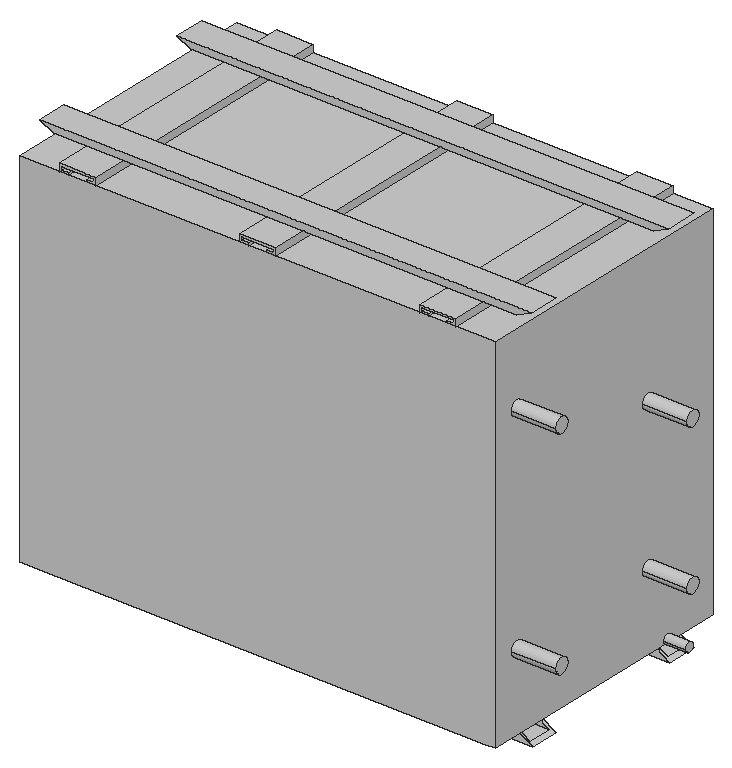
Revit family "Heat Pump-Rheem-W2W-15kW", category Mechanical Equipment, Revit 2020
Family settings
  Round Connector Dimension = Use Radius
  Part Type = Normal
  OmniClass Number = 23.75.10.21
  OmniClass Title = Heat Pumps
  Work Plane-Based = No
  Always vertical = Yes
  Cut with Voids When Loaded = No
  Shared = No
  Room Calculation Point = No
Parameters (values of type "9540150S")
  calcTopSupport = if(Show Top Supports, 32 mm, 0 mm)  # 32 mm
  calcFanGuardDepth = 133 mm  # constant formula
  Width_ANZRS = 599 mm  # constant formula
  Wattage_ANZRS = 15 kW  # constant formula
  Voltage_ANZRS = 230 V
  URL = "https://www.rheem.com.au/products/commercial/commercial-heat-pumps"
  Type Comments = ""
  SupportInsetSide = 77 mm  # constant formula
  Show Top Supports = yes
  ProductCode_ANZRS = "9540150S"
  PowerFactor_ANZRS = 1
  OutletPipeDiameter = 32 mm  # constant formula
  calcOutletPipeRad = if(1 = 1, OutletPipeDiameter / 2, 0 mm)  # 16 mm
  Model = "Rheem Commercial Water to Water Heat Pump – 15kW Stackable Model"
  Material_ANZRS = Rheem-Steel-Grey
  Manufacturer = "Rheem"  # constant formula
  Length_ANZRS = 1049 mm  # constant formula
  InletPipeDiameter = 32 mm  # constant formula
  calcInletPipeRadius = if(1 = 1, InletPipeDiameter / 2, 0 mm)  # 16 mm
  Height_ANZRS = if(Show Top Supports, 859 mm, 827 mm)  # 859 mm
  Description = "Rheem's Commercial Water to Water (W2W) heat pump includes units using R134a for hot water heating up to 65°C, with a minimum entering water temperature on the building loop of 12°C, giving a return water temperature of 7°C, with the units being compact and suitable for indoor or external installation. Stackable models allow units to be stacked two high for reduced footprint."
  Default Elevation = 0 mm
  CreatedBy_ANZRS = "Design Content"  # constant formula
  CreatedByURL_ANZRS = "https://www.designcontent.com.au/"
  Assembly Code = ""
  ApparentLoad_ANZRS = Wattage_ANZRS  # 15 kW
Types (2, lengths in mm): name | calcTopSupport | Show Top Supports | ProductCode_ANZRS | Model | Height_ANZRS | Description
  95401500 | 0 | no | "95401500" | "Rheem Commercial Water to Water Heat Pump – 15kW" | 827 | "Rheem's Commercial Water to Water (W2W) heat pump includes units using R134a for hot water heating up to 65°C, with a minimum entering water temperature on the building loop of 12°C, giving a return water temperature of 7°C, with the units being compact and suitable for indoor or external installation."
  9540150S | 32 | yes | "9540150S" | "Rheem Commercial Water to Water Heat Pump – 15kW Stackable Model" | 859 | "Rheem's Commercial Water to Water (W2W) heat pump includes units using R134a for hot water heating up to 65°C, with a minimum entering water temperature on the building loop of 12°C, giving a return water temperature of 7°C, with the units being compact and suitable for indoor or external installation. Stackable models allow units to be stacked two high for reduced footprint."
Reference planes
  plane 1 "Center (Front/Back)": y = 0
  plane 2: z = 0
  plane 3 "Center (Left/Right)": x = 0
  plane 4 "Back": y = 299.5
  plane 5 "Front": y = -299.5
  plane 6 "Left": x = -524.5
  plane 7 "Right": x = 524.5
  plane 8: z = 24
  plane 9 "HEIGHT": z = 827
  plane 10 "Inlet": z = 197
  plane 11 "Outlet": z = 673
  plane 12: x = 624.5
  plane 13: y = -222.5
  plane 14: y = 222.5
  plane 15: x = 574.5
  plane 16: z = 859
  plane 17: x = -544.5
  plane 18: x = 544.5
  plane 19 "Pipework": y = -241.5
Forms (mm)
  Extrusion 1, solid, material "Rheem-Steel-Grey" <- "Material_ANZRS", detail levels medium+fine
    sketch origin (0, 0, 0) x (1, 0, 0) y (0, 1, 0)
      loop
        line (-524.5, 299.5) -> (-524.5, -299.5) -> (524.5, -299.5) -> (524.5, 299.5) -> (-524.5, 299.5)
    from 24 to 827
  Extrusion 2, solid, material "Rheem-Steel-Grey" <- "Material_ANZRS"
    sketch origin (0, 111.908, 381.979) x (0, -1, 0) y (0, 0, 1)
      loop
        circle (353.408, -184.979) r 16
      loop
        circle (353.408, 291.021) r 16
      loop
        circle (-8.592, -184.979) r 16
      loop
        circle (-8.592, 145.021) r 16
    from -524.5 to -624.5
  Extrusion 3, solid, material "Rheem-Steel-Grey" <- "Material_ANZRS"
    sketch origin (524.5, 0, 0) x (0, -1, 0) y (0, 0, -1)
      loop
        circle (-173.5, -34) r 10
    from 0 to 50
  Extrusion 4, solid, material "Rheem-Steel-Grey" <- "Material_ANZRS", detail levels coarse
    sketch origin (0, 0, 827) x (-1, 0, 0) y (0, -1, 0)
      loop
        line (524.5, -299.5) -> (524.5, 299.5) -> (-524.5, 299.5) -> (-524.5, -299.5) -> (524.5, -299.5)
    from -827 to 32
  Extrusion 5, solid, material "Rheem-Steel-Grey" <- "Material_ANZRS", detail levels medium+fine
    sketch origin (0, 0, 0) x (0, 1, 0) y (0, 0, 1)
      loop
        line (247.5, 24) -> (217.5, 24) -> (217.5, 5) -> (163.086, 5) -> (163.086, 24) -> (133, 24) -> (133, 19) -> (158, 19) -> (158, 0) -> (222.5, 0) -> (222.5, 19) -> (247.5, 19) -> (247.5, 24)
      loop
        line (-133, 24) -> (-163, 24) -> (-163, 5) -> (-217.414, 5) -> (-217.414, 24) -> (-247.5, 24) -> (-247.5, 19) -> (-222.5, 19) -> (-222.5, 0) -> (-158, 0) -> (-158, 19) -> (-133, 19) -> (-133, 24)
    from -544.5 to 544.5
  Extrusion 6, solid, material "Rheem-Steel-Grey" <- "Material_ANZRS", visible <- "Show Top Supports", detail levels medium+fine
    sketch origin (0, 0, 0) x (1, 0, 0) y (0, 0, 1)
      loop
        line (-437.141, 827) -> (-417.141, 827) -> (-417.141, 832) -> (-432.141, 832) -> (-432.141, 838) -> (-362.141, 838) -> (-362.141, 832) -> (-377.141, 832) -> (-377.141, 827) -> (-357.141, 827) -> (-357.141, 843) -> (-437.141, 843) -> (-437.141, 827)
      loop
        line (357.141, 827) -> (377.141, 827) -> (377.141, 832) -> (362.141, 832) -> (362.141, 838) -> (432.141, 838) -> (432.141, 832) -> (417.141, 832) -> (417.141, 827) -> (437.141, 827) -> (437.141, 843) -> (357.141, 843) -> (357.141, 827)
      loop
        line (-40, 827) -> (-20, 827) -> (-20, 832) -> (-35, 832) -> (-35, 838) -> (35, 838) -> (35, 832) -> (20, 832) -> (20, 827) -> (40, 827) -> (40, 843) -> (-40, 843) -> (-40, 827)
    from -299.5 to 299.5
  Extrusion 7, solid, material "Rheem-Steel-Grey" <- "Material_ANZRS", visible <- "Show Top Supports", detail levels medium+fine
    sketch origin (23.5, 184.859, 18.5) x (0, -1, 0) y (0, 0, 1)
      loop
        line (29.359, 824.5) -> (29.359, 840.5) -> (-38.641, 840.5) -> (-38.641, 824.5) -> (-18.617, 824.5) -> (-18.617, 829) -> (-33.617, 829) -> (-33.617, 835.5) -> (24.359, 835.5) -> (24.359, 829) -> (9.359, 829) -> (9.359, 824.5) -> (29.359, 824.5)
      loop
        line (340.359, 824.5) -> (360.359, 824.5) -> (360.359, 829) -> (345.359, 829) -> (345.359, 835.5) -> (403.334, 835.5) -> (403.334, 829) -> (388.334, 829) -> (388.334, 824.5) -> (408.359, 824.5) -> (408.359, 840.5) -> (340.359, 840.5) -> (340.359, 824.5)
    from -521 to 568
  Extrusion 8, solid, detail levels medium+fine
    sketch origin (725.494, 299.5, 222.402) x (-1, 0, 0) y (0, 0, 1)
      loop
        circle (252.008, 381.5) r 15
      loop
        circle (252.008, 431.5) r 15
      loop
        circle (252.008, 331.5) r 15
      loop
        circle (252.008, 281.5) r 10
      loop
        circle (252.008, 231.5) r 10
    from 0 to 5
  Extrusion 9, void
    sketch origin (0, 0, 0) x (1, 0, 0) y (0, 0, 1)
      loop
        line (-511.136, 843) -> (-544.5, 860) -> (-544.5, 843) -> (-511.136, 843)
      loop
        line (511.136, 843) -> (544.5, 843) -> (544.5, 859.5) -> (511.136, 843)
      loop
        line (-502.931, 24) -> (-544.5, 24) -> (-544.5, 0) -> (-502.931, 24)
      loop
        line (502.931, 24) -> (544.5, 0) -> (544.5, 24) -> (502.931, 24)
    from -299.5 to 299.5
Cuts and joins
  Extrusion 9 cuts Extrusion 1
  Extrusion 9 cuts Extrusion 5
  Extrusion 9 cuts Extrusion 7
Lines and regions (mm)
  Split face 1
    outline origin (524.5, 299.5, 827) x (0, 0, -1) y (-1, 0, 0)
      loop
        line (140, 100) -> (802, 100) -> (802, 949) -> (140, 949) -> (140, 100)
  Split face 2
    outline origin (524.5, 299.5, 827) x (0, 0, -1) y (-1, 0, 0)
      loop
        line (120, 100) -> (120, 949) -> (20, 949) -> (20, 100) -> (120, 100)
Dimensions and locks
  equal spacing: plane 6 "Left", plane 3 "Center (Left/Right)", plane 7 "Right"
  equal spacing: plane 4 "Back", plane 1 "Center (Front/Back)", plane 5 "Front"
  "Width_ANZRS": plane 4 "Back" to plane 5 "Front"
  "Length_ANZRS": plane 6 "Left" to plane 7 "Right"
  locked: plane 12 to plane 7 "Right" at 100
  "SupportInsetSide": plane 5 "Front" to plane 13
  "SupportInsetSide": plane 14 to plane 4 "Back"
  locked: Extrusion 3 sketch curve to plane 8 at 10
  equal spacing: plane 12, plane 15, plane 7 "Right"
  locked: plane 8 to Extrusion 5 sketch curve at 5  (x2)
  Extrusion 5 sketch curve to plane 14 to Extrusion 5 sketch curve to Extrusion 5 sketch curve to Extrusion 5 sketch curve to Extrusion 5 sketch curve = 25 mm locked, 5 mm locked, 54.414 mm locked, 5.086 mm locked, 25 mm locked
  locked: plane 4 "Back" to Extrusion 3 sketch curve at 126
  Extrusion 5 sketch curve to Extrusion 5 sketch curve to Extrusion 5 sketch curve to Extrusion 5 sketch curve to Extrusion 5 sketch curve to Extrusion 5 sketch curve = 25 mm locked, 5 mm locked, 54.414 mm locked, 5.086 mm locked, 25 mm locked
  locked: Extrusion 6 sketch curve to plane 9 "HEIGHT" at 16
  Extrusion 6 sketch curve to Extrusion 6 sketch curve to plane 9 "HEIGHT" = 6 mm locked, 5 mm locked  (x3)
  locked: plane 9 "HEIGHT" to plane 8 at 803
  locked: plane 8 to plane 2 at 24
  locked: nested 1 to plane 9 "HEIGHT" at 300
  locked: plane 17 to plane 6 "Left" at 20
  locked: plane 18 to plane 7 "Right" at 20
  Extrusion 9 sketch curve to Extrusion 9 sketch curve to plane 9 "HEIGHT" = 17 mm, 16 mm
  Extrusion 9 sketch curve to Extrusion 9 sketch curve to plane 9 "HEIGHT" = 16.5 mm locked, 16 mm locked
  locked: plane 19 "Pipework" to plane 5 "Front" at 58
  locked: plane 10 "Inlet" to plane 2 at 197
  locked: plane 11 "Outlet" to plane 10 "Inlet" at 476
  locked: Extrusion 2 sketch curve to plane 4 "Back" at 179  (x2)
  locked: Extrusion 2 sketch curve to plane 10 "Inlet" at 330
  locked: plane 8 to Split face 1 sketch curve at 1
  Split face 1 sketch curve to plane 9 "HEIGHT" = 140 mm
  locked: Split face 1 sketch curve to plane 7 "Right" at 100
  locked: plane 6 "Left" to Split face 1 sketch curve at 100
  locked: plane 7 "Right" to Split face 2 sketch curve at 100
  locked: plane 6 "Left" to Split face 2 sketch curve at 100
  locked: Split face 2 sketch curve to plane 9 "HEIGHT" at 20
  locked: Split face 2 sketch curve to plane 9 "HEIGHT" at 120
  "calcTopSupport": plane 16 to plane 9 "HEIGHT"
  Extrusion 7 sketch curve to Extrusion 7 sketch curve to Extrusion 7 sketch curve to Extrusion 7 sketch curve to plane 9 "HEIGHT" = 5 mm locked, 6.5 mm locked, 4.5 mm locked, 16 mm locked
  "calcOutletPipeRad": radius of Extrusion 2 sketch curve
  "calcInletPipeRadius": radius of Extrusion 2 sketch curve
  radius of Extrusion 3 sketch curve = 10 mm
  aligned and locked: level to plane 2
  aligned and locked: Extrusion 1 sketch curve to plane 6 "Left"
  aligned and locked: Extrusion 1 sketch curve to plane 7 "Right"
  aligned and locked: plane 9 "HEIGHT" to Extrusion 1
  aligned and locked: Extrusion 1 to plane 8
  aligned and locked: plane 5 "Front" to Extrusion 1
  aligned and locked: Extrusion 2 to plane 7 "Right"
  aligned and locked: plane 11 "Outlet" to Extrusion 2 sketch curve
  aligned and locked: plane 10 "Inlet" to Extrusion 2 sketch curve
  aligned and locked: plane 15 to Extrusion 3
  aligned and locked: Extrusion 4 sketch curve to plane 4 "Back"
  aligned and locked: Extrusion 4 sketch curve to plane 5 "Front"
  aligned and locked: Extrusion 4 sketch curve to plane 7 "Right"
  aligned and locked: Extrusion 4 sketch curve to plane 6 "Left"
  aligned and locked: Extrusion 4 to plane 2
  aligned and locked: plane 16 to Extrusion 4
  aligned and locked: plane 12 to Extrusion 2
  aligned and locked: plane 5 "Front" to Extrusion 6
  aligned and locked: plane 4 "Back" to Extrusion 6
  aligned and locked: Extrusion 6 sketch curve to Extrusion 6 sketch curve  (x8)
  aligned and locked: plane 4 "Back" to Extrusion 1
  aligned and locked: Extrusion 7 sketch curve to Extrusion 7 sketch curve  (x8)
  aligned and locked: nested 1 to plane 3 "Center (Left/Right)"
  aligned and locked: Extrusion 5 to plane 17
  aligned and locked: plane 18 to Extrusion 5
  aligned and locked: Extrusion 7 to plane 17
  aligned and locked: plane 18 to Extrusion 7
  aligned and locked: plane 17 to Extrusion 9 sketch curve
  aligned and locked: Extrusion 9 sketch curve to plane 8
  aligned and locked: Extrusion 9 sketch curve to plane 17
  aligned and locked: plane 18 to Extrusion 9 sketch curve
  aligned and locked: Extrusion 9 to Extrusion 1  (x2)
  aligned and locked: plane 19 "Pipework" to Extrusion 2 sketch curve  (x2)
Automatic sketch dimensions
  plane 5 "Front" to Extrusion 1 sketch curve = 0 mm
  Extrusion 1 sketch curve to plane 4 "Back" = 0 mm
  Extrusion 5 sketch curve to plane 8 = 0 mm  (x4)
  Extrusion 5 sketch curve to level = 0 mm  (x2)
  Extrusion 5 sketch curve to plane 13 = 0 mm
  Extrusion 5 sketch curve to plane 14 = 0 mm
  level to Extrusion 5 sketch curve = 5 mm  (x2)
  Extrusion 5 sketch curve to plane 8 = 5 mm  (x2)
  Extrusion 6 sketch curve to plane 9 "HEIGHT" = 0 mm  (x3)
  Extrusion 6 sketch curve to plane 6 "Left" = 87.359 mm
  Extrusion 6 sketch curve to Extrusion 6 sketch curve = 5 mm  (x6)
  Extrusion 6 sketch curve to Extrusion 6 sketch curve = 15 mm  (x6)
  Extrusion 6 sketch curve to Extrusion 6 sketch curve = 40 mm  (x2)
  Extrusion 6 sketch curve to plane 3 "Center (Left/Right)" = 40 mm
  plane 3 "Center (Left/Right)" to Extrusion 6 sketch curve = 20 mm
  Extrusion 6 sketch curve to plane 7 "Right" = 167.359 mm
  Extrusion 8 sketch curve to plane 7 "Right" = 51.014 mm  (x2)
  Extrusion 8 sketch curve to plane 11 "Outlet" = 119.098 mm
  Extrusion 8 sketch curve to Extrusion 8 sketch curve = 0 mm  (x3)
  Extrusion 8 sketch curve to Extrusion 8 sketch curve = 50 mm  (x3)
  Extrusion 8 sketch curve to plane 11 "Outlet" = 69.098 mm
  Extrusion 9 sketch curve to plane 8 = 0 mm
  Extrusion 9 sketch curve to plane 18 = 0 mm
  Extrusion 9 sketch curve to level = 0 mm  (x2)
  Extrusion 9 sketch curve to plane 6 "Left" = 13.364 mm
  Extrusion 9 sketch curve to plane 6 "Left" = 21.569 mm
  Extrusion 9 sketch curve to plane 7 "Right" = 21.569 mm
  Extrusion 9 sketch curve to plane 7 "Right" = 13.364 mm
  plane 14 to Extrusion 7 sketch curve = 1 mm
  Extrusion 7 sketch curve to plane 14 = 4.024 mm
  Extrusion 7 sketch curve to Extrusion 7 sketch curve = 15 mm  (x3)
  Extrusion 7 sketch curve to Extrusion 7 sketch curve = 27.976 mm
  Extrusion 7 sketch curve to Extrusion 7 sketch curve = 5 mm  (x2)
  plane 13 to Extrusion 7 sketch curve = 67 mm
  plane 13 to Extrusion 7 sketch curve = 19.024 mm
  plane 13 to Extrusion 7 sketch curve = 4.024 mm
  Extrusion 7 sketch curve to plane 13 = 1 mm
  Extrusion 2 sketch curve to plane 10 "Inlet" = 0 mm
  radius of Extrusion 8 sketch curve = 15 mm  (x3)
  radius of Extrusion 8 sketch curve = 10 mm  (x2)
  radius of Extrusion 2 sketch curve = 16 mm  (x2)
Nested families
  nested 1: "X_Rheem Logo" at (0, 299.5, 527) x (-1, 0, 0) z (0, 1, 0), type "Standard", detail levels fine
Connectors
  piping at (624.5, -241.5, 197), diameter 32, driven by "calcInletPipeRadius"
    settings: on Extrusion 2, index 9, connector inside diameter 20 mm, connector length 0 mm, flow factor 0, pipe flow 0.0 L/s, pressure drop 0.0 Pa, fitting loss kfactor 0, connector angle 0.00°, fixture units 0, engagement length 0 mm, angle of deflection 0.00°, flow configuration 1, flow direction 1, fitting loss method 0, system type 20, joint type 0, gender type 0, connector reference index -1, connector utility 0, adjustable connector no, is connector primary yes, connector description "Water In"
  piping at (624.5, -241.5, 197), diameter 32, driven by "calcOutletPipeRad"
    settings: on Extrusion 2, index 10, connector inside diameter 20 mm, connector length 0 mm, flow factor 0, pipe flow 0.0 L/s, pressure drop 0.0 Pa, fitting loss kfactor 0, connector angle 0.00°, fixture units 0, engagement length 0 mm, angle of deflection 0.00°, flow configuration 1, flow direction 2, fitting loss method 0, system type 20, joint type 0, gender type 0, connector reference index -1, connector utility 0, adjustable connector no, is connector primary no, connector description "CW Out"
  piping at (574.5, 173.5, 34), diameter 20
    settings: on Extrusion 3, index 11, connector inside diameter 609.6 mm, connector length 0 mm, flow factor 0, pipe flow 0.0 L/s, pressure drop 0.0 Pa, fitting loss kfactor 0, connector angle 0.00°, fixture units 0, engagement length 0 mm, angle of deflection 0.00°, flow configuration 1, flow direction 2, fitting loss method 0, system type 16, joint type 0, gender type 0, connector reference index -1, connector utility 0, adjustable connector no, is connector primary no, connector description ""
  piping at (624.5, -241.5, 673), diameter 32, driven by "calcInletPipeRadius"
    settings: on Extrusion 2, index 16, connector inside diameter 609.6 mm, connector length 0 mm, flow factor 0, pipe flow 0.0 L/s, pressure drop 0.0 Pa, fitting loss kfactor 0, connector angle 0.00°, fixture units 0, engagement length 0 mm, angle of deflection 0.00°, flow configuration 1, flow direction 1, fitting loss method 0, system type 20, joint type 0, gender type 0, connector reference index -1, connector utility 0, adjustable connector no, is connector primary no, connector description "CW In"
  electrical at (473.486, 299.5, 653.902), driven by "Voltage_ANZRS", driven by "ApparentLoad_ANZRS", driven by "PowerFactor_ANZRS"
    settings: on Extrusion 8, index 17, voltage 230 V, apparent load 15 kW, apparent load phase1 0 kW, apparent load phase2 0 kW, apparent load phase3 0 kW, power factor 1, load classification "Power", number of poles 1, system type 30, power factor state 1, is connector primary yes, connector utility no, sub classification motor no, connector description ""
  electrical at (473.486, 299.5, 603.902), driven by "Voltage_ANZRS", driven by "ApparentLoad_ANZRS", driven by "PowerFactor_ANZRS"
    settings: on Extrusion 8, index 18, voltage 230 V, apparent load 15 kW, apparent load phase1 0 kW, apparent load phase2 0 kW, apparent load phase3 0 kW, power factor 1, load classification "Power", number of poles 1, system type 30, power factor state 1, is connector primary no, connector utility no, sub classification motor no, connector description ""
  electrical at (473.486, 299.5, 553.902), driven by "Voltage_ANZRS", driven by "ApparentLoad_ANZRS", driven by "PowerFactor_ANZRS"
    settings: on Extrusion 8, index 19, voltage 230 V, apparent load 15 kW, apparent load phase1 0 kW, apparent load phase2 0 kW, apparent load phase3 0 kW, power factor 1, load classification "Power", number of poles 1, system type 30, power factor state 1, is connector primary no, connector utility no, sub classification motor no, connector description ""
  electrical at (473.486, 299.5, 503.902), driven by "Voltage_ANZRS", driven by "ApparentLoad_ANZRS", driven by "PowerFactor_ANZRS"
    settings: on Extrusion 8, index 20, voltage 230 V, apparent load 15 kW, apparent load phase1 0 kW, apparent load phase2 0 kW, apparent load phase3 0 kW, power factor 1, load classification "Power", number of poles 1, system type 30, power factor state 1, is connector primary no, connector utility no, sub classification motor no, connector description ""
  electrical at (473.486, 299.5, 453.902), driven by "Voltage_ANZRS", driven by "ApparentLoad_ANZRS", driven by "PowerFactor_ANZRS"
    settings: on Extrusion 8, index 21, voltage 230 V, apparent load 15 kW, apparent load phase1 0 kW, apparent load phase2 0 kW, apparent load phase3 0 kW, power factor 1, load classification "Power", number of poles 1, system type 30, power factor state 1, is connector primary no, connector utility no, sub classification motor no, connector description ""
  piping at (624.5, 120.5, 197), diameter 32, driven by "calcInletPipeRadius"
    settings: on Extrusion 2, index 22, connector inside diameter 609.6 mm, connector length 0 mm, flow factor 0, pipe flow 0.0 L/s, pressure drop 0.0 Pa, fitting loss kfactor 0, connector angle 0.00°, fixture units 0, engagement length 0 mm, angle of deflection 0.00°, flow configuration 1, flow direction 1, fitting loss method 0, system type 19, joint type 0, gender type 0, connector reference index -1, connector utility 0, adjustable connector no, is connector primary no, connector description "HW In"
  piping at (624.5, 120.5, 527), diameter 32, driven by "calcOutletPipeRad"
    settings: on Extrusion 2, index 23, connector inside diameter 609.6 mm, connector length 0 mm, flow factor 0, pipe flow 0.0 L/s, pressure drop 0.0 Pa, fitting loss kfactor 0, connector angle 0.00°, fixture units 0, engagement length 0 mm, angle of deflection 0.00°, flow configuration 1, flow direction 2, fitting loss method 0, system type 19, joint type 0, gender type 0, connector reference index -1, connector utility 0, adjustable connector no, is connector primary no, connector description "HW Out"
Definition of nested family "X_Rheem Logo"
  Parameters (values of type "Standard")
    Default Elevation = 1219.2 mm
    Assembly Code = ""
  Reference planes
    plane 1 "Center (Front/Back)": y = 0
    plane 2: z = 0
    plane 3 "Center (Left/Right)": x = 0
  Forms (mm)
    Extrusion 1, solid
      sketch origin (0, 0, 0) x (1, 0, 0) y (0, 1, 0)
        loop
          line (-1219.2, 1219.2) -> (-1219.2, -1219.2) -> (1219.2, -1219.2) -> (1219.2, 1219.2) -> (-1219.2, 1219.2)
      from 0 to -304.8
    Extrusion 2, solid
      sketch origin (0, 0, 0) x (1, 0, 0) y (0, 1, 0)
        loop
          arc (-33.529, -21.813) -> (38.36, -11.338) -> (-16.283, 36.536) r 40
          line (-16.283, 36.536) -> (-16.283, 5.397)
          arc (-16.283, 5.397) -> (-14.75, 6.901) -> (-12.662, 7.405) r 4.033
          arc (-12.662, 7.405) -> (-9.852, 6.403) -> (-8.561, 3.712) r 3.918
          line (-8.561, 3.712) -> (-8.561, -8.033) -> (-11.525, -8.033) -> (-11.525, 1.806)
          arc (-11.525, 1.806) -> (-12.858, 4.057) -> (-15.428, 3.572) r 2.279
          arc (-15.428, 3.572) -> (-15.988, 2.759) -> (-16.246, 1.806) r 2.925
          line (-16.246, 1.806) -> (-16.246, -8.079) -> (-19.645, -8.079) -> (-19.645, 34.843)
          arc (-19.645, 34.843) -> (-26.644, 29.834) -> (-32.41, 23.444) r 40
          arc (-32.41, 23.444) -> (-21.103, 13.87) -> (-28.782, 1.2) r 11.411
          line (-28.782, 1.2) -> (-7.321, -24.919) -> (-11.462, -24.919) -> (-31.83, -0.131) -> (-31.83, -21.813) -> (-33.529, -21.813)
        loop
          line (-35.017, -19.335) -> (-35.017, 19.335)
          arc (-35.017, 19.335) -> (-40, 0) -> (-35.017, -19.335) r 40
        loop
          line (19.37, -8.097) -> (22.563, -8.097) -> (22.563, 2.258)
          spline (22.563, 2.258) -> (22.878, 3.103) -> (23.24, 3.526) -> (23.639, 3.818) -> (24.082, 3.997) -> (24.556, 4.074) -> (25.034, 4.068) -> (25.491, 3.983) -> (25.903, 3.817) -> (26.238, 3.56) -> (26.492, 3.191) -> (26.717, 2.639) -> (26.9, 1.6)
          line (26.9, 1.6) -> (26.9, -8.097) -> (29.854, -8.097) -> (29.854, 2.258)
          spline (29.854, 2.258) -> (30.181, 3.064) -> (30.553, 3.474) -> (30.969, 3.74) -> (31.419, 3.936) -> (31.889, 4.059) -> (32.364, 4.078) -> (32.821, 3.995) -> (33.233, 3.826) -> (33.568, 3.567) -> (33.822, 3.195) -> (34.048, 2.639) -> (34.231, 1.594)
          line (34.231, 1.594) -> (34.231, -8.097) -> (37.174, -8.097) -> (37.174, 3.718)
          spline (37.174, 3.718) -> (36.65, 5.383) -> (35.957, 6.159) -> (35.415, 6.563) -> (34.941, 6.826) -> (34.394, 7.032) -> (33.695, 7.17) -> (32.91, 7.2) -> (32.152, 7.119) -> (31.53, 6.952) -> (31.006, 6.67) -> (30.429, 6.179) -> (29.566, 5.166)
          spline (29.566, 5.166) -> (28.777, 6.078) -> (28.276, 6.494) -> (27.782, 6.788) -> (27.231, 7.014) -> (26.621, 7.177) -> (26.085, 7.261) -> (25.622, 7.26) -> (25.015, 7.185) -> (24.376, 7.012) -> (23.849, 6.722) -> (23.308, 6.304) -> (22.552, 5.275)
          line (22.552, 5.275) -> (22.552, 6.926) -> (19.37, 6.926) -> (19.37, -8.097)
        loop
          line (-4.051, 1.414) -> (2.029, 1.414)
          spline (2.029, 1.414) -> (1.473, 2.786) -> (1.087, 3.377) -> (0.673, 3.834) -> (0.205, 4.224) -> (-0.271, 4.485) -> (-0.868, 4.588) -> (-1.527, 4.548) -> (-2.06, 4.356) -> (-2.438, 4.033) -> (-2.865, 3.608) -> (-3.384, 2.906) -> (-4.051, 1.414)
        loop
          line (-4.095, -1.507) -> (5.029, -1.507)
          spline (5.029, -1.507) -> (4.769, 1.886) -> (4.1, 3.692) -> (3.083, 5.302) -> (1.664, 6.502) -> (-0.127, 7.316) -> (-1.72, 7.317) -> (-3.497, 6.614) -> (-4.898, 5.44) -> (-6.016, 3.817) -> (-6.693, 1.944) -> (-6.954, 0.058) -> (-6.657, -3.194)
          spline (-6.657, -3.194) -> (-5.711, -5.424) -> (-4.777, -6.63) -> (-3.808, -7.465) -> (-2.878, -7.994) -> (-1.873, -8.306) -> (-0.773, -8.411) -> (0.288, -8.278) -> (1.264, -7.907) -> (2.23, -7.346) -> (3.148, -6.594) -> (4.02, -5.578) -> (4.876, -3.596)
          line (4.876, -3.596) -> (1.705, -3.596)
          spline (1.705, -3.596) -> (0.883, -4.78) -> (0.307, -5.189) -> (-0.248, -5.429) -> (-0.802, -5.54) -> (-1.305, -5.525) -> (-1.909, -5.294) -> (-2.514, -4.923) -> (-2.921, -4.547) -> (-3.253, -4.098) -> (-3.591, -3.486) -> (-3.885, -2.641) -> (-4.095, -1.507)
        loop
          line (8.984, 1.152) -> (15.064, 1.152)
          spline (15.064, 1.152) -> (14.509, 2.524) -> (14.123, 3.116) -> (13.708, 3.573) -> (13.241, 3.962) -> (12.764, 4.224) -> (12.168, 4.327) -> (11.508, 4.287) -> (10.975, 4.095) -> (10.598, 3.771) -> (10.171, 3.347) -> (9.652, 2.645) -> (8.984, 1.152)
        loop
          line (8.973, -1.54) -> (18.097, -1.54)
          spline (18.097, -1.54) -> (17.837, 1.853) -> (17.168, 3.659) -> (16.151, 5.269) -> (14.732, 6.469) -> (12.941, 7.283) -> (11.348, 7.285) -> (9.571, 6.581) -> (8.17, 5.407) -> (7.052, 3.785) -> (6.375, 1.911) -> (6.114, 0.026) -> (6.412, -3.226)
          spline (6.412, -3.226) -> (7.357, -5.456) -> (8.291, -6.663) -> (9.26, -7.498) -> (10.191, -8.027) -> (11.195, -8.339) -> (12.295, -8.444) -> (13.356, -8.311) -> (14.332, -7.939) -> (15.298, -7.379) -> (16.217, -6.626) -> (17.088, -5.61) -> (17.944, -3.629)
          line (17.944, -3.629) -> (14.773, -3.629)
          spline (14.773, -3.629) -> (13.951, -4.813) -> (13.375, -5.222) -> (12.82, -5.462) -> (12.266, -5.573) -> (11.763, -5.557) -> (11.159, -5.326) -> (10.555, -4.955) -> (10.147, -4.58) -> (9.816, -4.131) -> (9.477, -3.519) -> (9.183, -2.673) -> (8.973, -1.54)
        loop
          circle (0, 0) r 43
        loop
          arc (-31.817, 3.841) -> (-24.154, 12.033) -> (-31.817, 20.226) r 8.211
          line (-31.817, 20.226) -> (-31.817, 3.841)
      from 0 to 1
  Dimensions and locks
    aligned and locked: plane 2 to Extrusion 1
    aligned and locked: level to Extrusion 1
